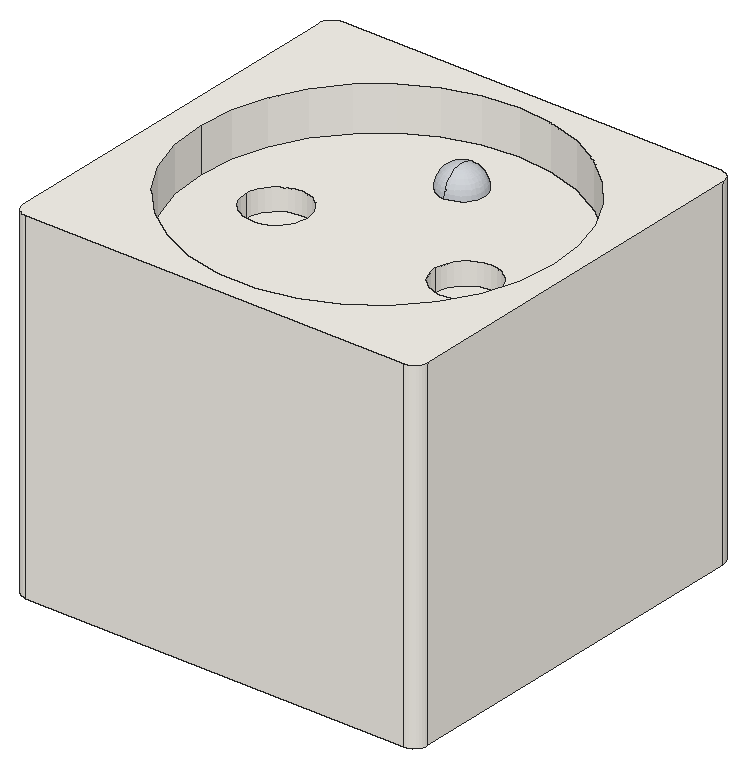
Revit family "Domotics-DomesticRanges-GEWISS-CHORUS_POWER-SOCKET-OUTLET_FAST_WIRING_FRA", category Apparecchi elettrici, host Superficie, Revit 2016
Family settings
  Host = Superficie
  Mantenere orientamento annotazione = Sì
  Tipo di parte = Normale
  Quota connettore circolare = Usa diametro
  Taglio con vuoti quando caricato = Sì
  Condiviso = Sì
  Punto di calcolo locali = Sì
Parameters (values of type "GW14247F - Socket outlet 2M 2P+E 16A french o.q.wir.titan.")
  Wiring terminals = "Quick, with spring"
  Voltage: = "250 V ac"
  Voltage = "250 V ac"
  Volt = 230 V
  Vista in pianta [instance] = yes
  Version file RFA = "19.0"
  URL = "https://www.gewiss.com/ww/en"
  Type: = ""
  Type = "Quick wiring"
  Tipo_ = Chorus Prese Fra_GENERICO : GW14247F Presa 2M 2P+T 16A cabl. rapido standard Francese titanio
  Thermo-pressure with ball = "125 °C"
  Terminal tightening capacity rigid cables (mm2) = "min. 0,5 - max. 2x2,5"
  Terminal tightening capacity flexible cables (mm2) = "min. 0,75 - max. 2x4"
  Terminal grip on cable traction = "> 50 N"
  Technical sheet = "https://www.gewiss.com/ww/en/search?q=GW14247F"
  TXT ELETTRICO = "16"
  Standard; = "IEC 60884-1; NF C 61-314"
  Standard: = "French"
  Standard = "French"
  Simbolo [instance] = yes
  SEO = "Socket outlet"
  Resistance at test voltage = "2000 V at 50 Hz for 1 minute"
  Realized by GEWISS S.p.A. = ""
  Default Elevation = 1219.2 mm
  Prolonged operation (no.of position changes) = "10.000 at In 250 V ac cosØ=0,8"
  Produttore = "GEWISS S.p.A."
  Offset presa [instance] = 0 mm
  Offset bidimensionale [instance] = 2 mm
  No. Chorus modules: = "2"
  No. Chorus modules = "2"
  N. poli = 1
  Modello = "GW14247F"
  Insulation resistance = "> 5 MOhm"
  Immagine tipo = GW14247F.jpg
  IFC.TypeObject = ""
  IFC.ExportType = ""
  IFC.ExportAs = ""
  IDT = "a90b3aa5-a732-4d85-b430-486886653f2e"
  IDF = "bada8f19-9650-48be-b998-9467c3396dc6"
  Glow Wire Test = "850°C"
  For plug pins = "Ø 4 / 4.8 mm"
  Electrocod = "0131"
  EAN code = "8011564266391"
  Distanza_x [instance] = 0 mm
  Distanza_effettiva_x [instance] = 1000 mm - Distanza_x  # 1000 mm
  Descrizione = "2M 2P+E 16A FRENCH SOCKET O.Q.WIR.TITAN."
  Description: = "2P+E - 16A"
  Description. = "Socket-outlet"
  Colour = "Titanium"
  Characteristics = "With safety shields"
  Category = "Socket-outlet"
  Catalogue Range = "CHORUS - DOMESTIC RANGE"
  Catalogue = "DOMOTICS"
  Carico apparente = 0 VA
  COBie.Tagnumber = ""
  COBie.CreatedOn = ""
  COBie.CreatebBy = ""
  COBie.ComponentRegisterItemID = ""
  COBie.Component.TagNumber = ""
  COBie.Component.Space = ""
  COBie.Component.SerialNumber = ""
  COBie.Component.InstallationDate = ""
  COBie.Component.Description = ""
  COBie.Component.BarCode = ""
  Breaking capacity: = "1.25 In (100 position changes)"
Types (4, lengths in mm): name | Type: | Type | Tipo_ | Technical sheet | Modello | Immagine tipo | IDT | EAN code | Descrizione | Colour
  GW10247F - Socket outlet 2M 2P+E 16A fr quick wiring wh | "" | "Quick wiring" | Chorus Prese Fra_GENERICO : GW10247F Presa 2M 2P+T 16A cabl. rapido standard Francese bianco | "https://www.gewiss.com/ww/en/search?q=GW10247F" | "GW10247F" | GW10247F.jpg | "4439ef9a-3294-4810-af14-6d839cc9f623" | "8011564425309" | "S. OUTL. 2M 2P+E 16A FR QUICK WIRING WH" | "White"
  GW10257F - Socket outlet 2M 2P+E 16A fr quick wiring red | "For allocated lines" | "For allocated lines" | Chorus Prese Fra_GENERICO : GW10257F Presa 2M 2P+T 16A cabl. rapido standard Francese rossa | "https://www.gewiss.com/ww/en/search?q=GW10257F" | "GW10257F" | GW10257F.jpg | "9fb5f384-84bc-45ec-aa03-1140cd0874d5" | "8011564264984" | "S. OUTL. 2M 2P+E 16A FR QUICK WIRING RED" | "Red"
  GW12247F - Socket outlet 2M 2P+E 16A french o.q.wir.black | "" | "Quick wiring" | Chorus Prese Fra_GENERICO : GW12247F Presa 2M 2P+T 16A cabl. rapido standard Francese nero | "https://www.gewiss.com/ww/en/search?q=GW12247F" | "GW12247F" | GW12247F.jpg | "dfe40526-cfae-486c-ba40-947d4bee912b" | "8011564268845" | "2M 2P+E 16A FRENCH SOCKET O.Q.WIR.BLACK" | "Black"
  GW14247F - Socket outlet 2M 2P+E 16A french o.q.wir.titan. | "" | "Quick wiring" | Chorus Prese Fra_GENERICO : GW14247F Presa 2M 2P+T 16A cabl. rapido standard Francese titanio | "https://www.gewiss.com/ww/en/search?q=GW14247F" | "GW14247F" | GW14247F.jpg | "a90b3aa5-a732-4d85-b430-486886653f2e" | "8011564266391" | "2M 2P+E 16A FRENCH SOCKET O.Q.WIR.TITAN." | "Titanium"
Reference planes
  plane 1 "Centro (Fronte/Retro)": y = 0
  plane 2: z = 0
  plane 3 "Centro (Sinistra/Destra)": x = 0
  plane 4: x = -1000
  plane 5: x = 0
  plane 6: z = 41
  plane 7: z = 0
  plane 8: z = 39
Lines and regions (mm)
  Masking region 1, visible <- "Vista in pianta"
    outline origin (0, 0, 0) x (1, 0, 0) y (0, 1, 0)
      loop
        line (-23, 21) -> (-23, -21)
        arc (-23, -21) -> (-22.561, -22.061) -> (-21.5, -22.5) r 1.5
        line (-21.5, -22.5) -> (21.5, -22.5)
        arc (21.5, -22.5) -> (22.561, -22.061) -> (23, -21) r 1.5
        line (23, -21) -> (23, 21)
        arc (23, 21) -> (22.561, 22.061) -> (21.5, 22.5) r 1.5
        line (21.5, 22.5) -> (-21.5, 22.5)
        arc (-21.5, 22.5) -> (-22.561, 22.061) -> (-23, 21) r 1.5
      loop
        circle (-10.781, -0.293) r 3.536
      loop
        circle (0, 12.596) r 2.518
      loop
        circle (10.781, -0.293) r 3.536
      loop
        circle (0.5, 0) r 20.156
  Masking region 2, visible <- "Vista in pianta"
    outline origin (0, 0, 0) x (1, 0, 0) y (0, 0, 1)
      loop
        line (23, 0) -> (23, 39) -> (-23, 39) -> (-23, 0) -> (23, 0)
  Masking region 3, visible <- "Vista in pianta"
    outline origin (0, 0, 0) x (0, 1, 0) y (0, 0, 1)
      loop
        line (22.5, 0) -> (22.5, 39) -> (-22.5, 39) -> (-22.5, 0) -> (22.5, 0)
Dimensions and locks
  plane 4 to plane 3 "Centro (Sinistra/Destra)" = 1000 mm
  "Distanza_effettiva_x": plane 4 to plane 5
  "Offset presa": plane 7 to host face
  locked: plane 8 to plane 7 at 39
  "Offset bidimensionale": plane 6 to plane 8
  aligned and locked: plane 2 to host face
  aligned and locked: level to host face
  aligned and locked: plane 5 to nested 1
  aligned and locked: plane 3 "Centro (Sinistra/Destra)" to nested 2
  aligned and locked: plane 1 "Centro (Fronte/Retro)" to nested 2
  aligned and locked: nested 2 to plane 7
  aligned and locked: nested 2 to plane 8
  aligned and locked: Masking region 1 sketch curve to nested 2  (x4)
  aligned and locked: Masking region 2 sketch curve to nested 2  (x2)
  aligned and locked: plane 8 to Masking region 2 sketch curve
  aligned and locked: plane 7 to Masking region 2 sketch curve
  aligned and locked: Masking region 2 to plane 7
  aligned and locked: plane 7 to nested 2  (x2)
  aligned and locked: import instance to plane 6
  aligned and locked: Masking region 3 sketch curve to nested 2  (x2)
  aligned and locked: plane 8 to Masking region 3 sketch curve
  aligned and locked: plane 7 to Masking region 3 sketch curve
Automatic sketch dimensions
  host sketch curve to host sketch curve = 2438.4 mm  (x2)
  Masking region 1 sketch curve to Masking region 1 sketch curve = 1.5 mm  (x4)
  plane 1 "Centro (Fronte/Retro)" to Masking region 1 sketch curve = 0.293 mm  (x2)
  Masking region 1 sketch curve to plane 3 "Centro (Sinistra/Destra)" = 10.781 mm
  Masking region 1 sketch curve to Masking region 1 sketch curve = 3.536 mm  (x2)
  Masking region 1 sketch curve to plane 3 "Centro (Sinistra/Destra)" = 0 mm
  Masking region 1 sketch curve to plane 1 "Centro (Fronte/Retro)" = 12.596 mm
  Masking region 1 sketch curve to Masking region 1 sketch curve = 2.518 mm
  plane 3 "Centro (Sinistra/Destra)" to Masking region 1 sketch curve = 10.781 mm
  Masking region 1 sketch curve to Masking region 1 sketch curve = 0 mm  (x2)
  plane 1 "Centro (Fronte/Retro)" to Masking region 1 sketch curve = 0 mm
  plane 3 "Centro (Sinistra/Destra)" to Masking region 1 sketch curve = 0.5 mm
  Masking region 1 sketch curve to Masking region 1 sketch curve = 5.339 mm
Nested families
  nested 1: "SIMBOLO PRESE" at (0, 100, 0), TESTO ELETTRICO <- "TXT ELETTRICO", SIMBOLO <- "Simbolo", visible <- "Simbolo", type "PRESA"
    with TESTO ELETTRICO "16", SIMBOLO yes, Distanza dal muro 4.208 mm, BORDO ACCESO yes
  nested 2: "Chorus Prese Fra_GENERICO" at (0, 0, 0), type <- "Tipo_", type "GW14247F Presa 2M 2P+T 16A cabl. rapido standard Francese titanio", detail levels medium+fine
Connectors
  electrical at (0, 0, 0), driven by "N. poli", driven by "Volt", driven by "Carico apparente"
    settings: on nested 2, index 1, voltage 230 V, apparent load 0 VA, apparent load phase1 0 VA, apparent load phase2 0 VA, apparent load phase3 0 VA, power factor 1, load classification "Altro", number of poles 1, system type 31, power factor state 1, is connector primary yes, connector utility no, sub classification motor no, connector description ""
Definition of nested family "Chorus Prese Fra_GENERICO"
  Parameters (values of type "GW10247F Presa 2M 2P+T 16A cabl. rapido standard Francese bianco")
    Terra = yes
    Profondità presa = 39 mm  # constant formula
    Finitura Terra = none
    Finitura Presa = none
    Altezza da Terra = 500 mm
  Types (4): name
    GW10247F Presa 2M 2P+T 16A cabl. rapido standard Francese bianco
    GW10257F Presa 2M 2P+T 16A cabl. rapido standard Francese rossa
    GW12247F Presa 2M 2P+T 16A cabl. rapido standard Francese nero
    GW14247F Presa 2M 2P+T 16A cabl. rapido standard Francese titanio
  Reference planes
    plane 1 "Centro (Fronte/Retro)": y = 0
    plane 2: z = 0
    plane 3 "Centro (Sinistra/Destra)": x = 0
    plane 4: y = -22.5
    plane 5: y = 22.5
    plane 6: y = 12.596
    plane 7: z = 39
  Forms (mm)
    Extrusion 1, solid, material <- "Finitura Presa"
      sketch origin (0, -522.5, 39) x (1, 0, 0) y (0, 1, 0)
        loop
          arc (-21.5, 545) -> (-22.561, 544.561) -> (-23, 543.5) r 1.5
          line (-23, 543.5) -> (-23, 501.5)
          arc (-23, 501.5) -> (-22.561, 500.439) -> (-21.5, 500) r 1.5
          line (-21.5, 500) -> (21.5, 500)
          arc (21.5, 500) -> (22.561, 500.439) -> (23, 501.5) r 1.5
          line (23, 501.5) -> (23, 543.5)
          arc (23, 543.5) -> (22.561, 544.561) -> (21.5, 545) r 1.5
          line (21.5, 545) -> (-21.5, 545)
      from 0 to -39
    Extrusion 2, void
      sketch origin (0, -522.5, 39) x (1, 0, 0) y (0, 1, 0)
        loop
          circle (0.5, 522.5) r 20.156
      from -5 to 0
    Extrusion 3, void
      sketch origin (0, -522.5, 39) x (1, 0, 0) y (0, 1, 0)
        loop
          circle (10.781, 522.207) r 3.536
        loop
          circle (-10.781, 522.207) r 3.536
      from -7.5 to -5
    Revolve 4, solid, material <- "Finitura Terra", visible <- "Terra"
      sketch origin (0, -522.5, 39) x (0, 0, -1) y (0, 1, 0)
        loop
          line (5, 535.096) -> (2.482, 535.096)
          arc (2.482, 535.096) -> (3.219, 533.315) -> (5, 532.578) r 2.518
          line (5, 532.578) -> (5, 535.096)
        axis (5, 535.096) -> (2.482, 535.096)
      angle from 0 to 360
  Cuts and joins
    Extrusion 2, Extrusion 3 cuts Extrusion 1
  Dimensions and locks
    equal spacing: plane 5, plane 1 "Centro (Fronte/Retro)", plane 4
    locked: plane 5 to plane 4 at 45
    locked: plane 6 to plane 1 "Centro (Fronte/Retro)" at 12.596
    "Profondità presa": plane 7 to level
    aligned and locked: level to plane 2
    aligned and locked: Extrusion 1 to level
    aligned and locked: plane 7 to cut or joined group of Extrusion 1, Extrusion 2, Extrusion 3
  Automatic sketch dimensions
    Extrusion 1 sketch curve to plane 4 = 0 mm
    Extrusion 1 sketch curve to plane 5 = 0 mm
    plane 1 "Centro (Fronte/Retro)" to Extrusion 2 sketch curve = 0 mm
    plane 3 "Centro (Sinistra/Destra)" to Extrusion 2 sketch curve = 0.5 mm
    plane 1 "Centro (Fronte/Retro)" to Extrusion 3 sketch curve = 0.293 mm  (x2)
    Extrusion 3 sketch curve to plane 3 "Centro (Sinistra/Destra)" = 10.781 mm
    plane 3 "Centro (Sinistra/Destra)" to Extrusion 3 sketch curve = 10.781 mm
    Revolve 4 sketch curve to plane 6 = 0 mm  (x2)
    level to Revolve 4 sketch curve = 36.518 mm
    level to Revolve 4 sketch curve = 34 mm
    Revolve 4 sketch curve to Revolve 4 sketch curve = 1.144 mm
    Revolve 4 sketch curve to Revolve 4 sketch curve = 0 mm
    plane 3 "Centro (Sinistra/Destra)" to Extrusion 1 sketch curve = 21.5 mm  (x2)
    Extrusion 1 sketch curve to plane 5 = 1.5 mm  (x2)
    Extrusion 1 sketch curve to plane 3 "Centro (Sinistra/Destra)" = 21.5 mm
    Extrusion 1 sketch curve to Extrusion 1 sketch curve = 1.5 mm
    radius of Extrusion 2 sketch curve = 20.156 mm
    radius of Extrusion 3 sketch curve = 3.536 mm  (x2)
Definition of nested family "SIMBOLO PRESE"
  Parameters (values of type "PRESA")
    TESTO ELETTRICO [instance] = "TXT"
    Simbolo = SIMBOLO PRESE_BASE : PRESA
    SIMBOLO [instance] = yes
    Distanza dal muro [instance] = 4.208 mm
    BORDO ACCESO [instance] = yes
  Reference planes
    plane 1: y = 0
    plane 2: x = 0
  Dimensions and locks
    aligned and locked: plane 1 to nested 1
    aligned and locked: plane 2 to nested 1
  Nested families
    nested 1: "SIMBOLO PRESE_BASE" at (0, 0, 0), type <- "Simbolo", TESTO ELETTRICO <- "TESTO ELETTRICO", BORDO ACCESO <- "BORDO ACCESO", visible <- "SIMBOLO", type "PRESA"
      with TESTO ELETTRICO "TXT", BORDO ACCESO yes
  Definition of nested family "SIMBOLO PRESE_BASE"
    Parameters (values of type "PRESA")
      TESTO ELETTRICO [instance] = "TXT"
      Distanza dal muro = 4.208 mm
      BORDO ACCESO [instance] = yes
    Reference planes
      plane 1: y = 0
      plane 2: x = 0
    Lines and regions (mm)
      detail lines, visible <- "BORDO ACCESO", not visible
        curve 1: line (-1.743, 9.208, 0) -> (2.057, 9.208, 0)
        curve 2: line (2.057, 9.208, 0) -> (2.057, 4.208, 0)
        curve 3: line (2.057, 4.208, 0) -> (-1.743, 4.208, 0)
        curve 4: line (-1.743, 4.208, 0) -> (-1.743, 9.208, 0)
        curve 5: line (-1.543, 9.008, 0) -> (1.857, 9.008, 0)
        curve 6: line (1.857, 9.008, 0) -> (1.857, 4.408, 0)
        curve 7: line (1.857, 4.408, 0) -> (-1.543, 4.408, 0)
        curve 8: line (-1.543, 4.408, 0) -> (-1.543, 9.008, 0)
      detail lines
        curve 9: line (0.783, 1.133, 0) -> (-0.783, 1.133, 0)
        curve 10: line (0, 1.133, 0) -> (0, 0.349, 0)
        curve 11: arc (-0.783, 1.916, 0) -> (0, 1.133, 0) -> (0.783, 1.916, 0) r 0.783
    Text (mm)
      label "TXT" at (0.016, 1.578, 0), shows "TESTO ELETTRICO"
